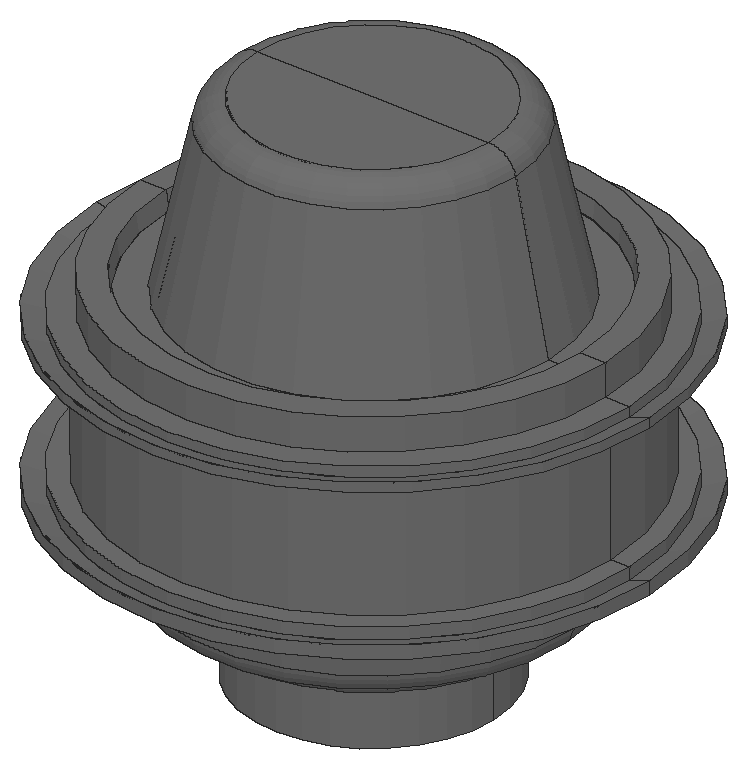
Revit family
Parameters (values of type "1017-06")
  Weight (lb) = 41.52
  Waste Connection = no
  Warranty = "1 year material and workmanship"  # constant formula
  Vent Connection = no
  URL = "http://www.jrsmith.com"
  Threaded = yes
  Technical and Installation = "http://www.jrsmith.com/products/roof/tech_data_index.htm"
  SmartBIM Object Version = 3  # constant formula
  SmartBIM Object Created By = "Reed Construction Data"  # constant formula
  Push On = yes
  Product URL = "http://www.jrsmith.com/products/roof/submittal/d1010.pdf"
  Pipe Diameter = 0' - 6"
  OmniClass Title = "Roof Drains"  # constant formula
  OmniClass Code = "22-22 14 26 13"  # constant formula
  No Hub = yes
  Model = "1017"  # constant formula
  Material Finish = Cast Iron
  Material = Duco coated
  Manufacturer = "Jay R. Smith Mfg. Co. "  # constant formula
  HW Connection = no
  Drain Outlet Radius = Pipe Diameter / 2  # 0' - 3"
  Dome Free Area = "6\""
  Description = "Duco cast iron body with flashing clamp, perforated stainless steel extension, gravel stop and polyethylene dome"  # constant formula
  Default Elevation = 0' - 0"
  D Diameter = 1' - 3 1/4"
  Caulk = yes
  CW Connection = no
  Assembly Code = "D2040200"
  95 CSI = "15165"  # constant formula
  04 CSI = "22 14 35"  # constant formula
Reference planes (in)
  plane 1 "Center (Front/Back)": y = 0
  plane 2: z = 0
  plane 3 "Center (Left/Right)": x = 2.3241
  plane 4: x = -5.3009
  plane 5: x = 9.9491
  plane 6: z = -4.66629
  plane 7: z = 0.33371
  plane 8: z = 4.33371
  plane 9: z = 9.58371
Forms (in)
  Revolve 1, solid, material "Duco coated" <- "Material"
    sketch origin (0, 0, 0) x (1, 0, 0) y (0, 0, 1)
      loop
        line (8.14647, -0.62123) -> (9.9491, -0.05403) -> (9.9491, 0.29927) -> (9.40366, 0.1268) -> (9.40366, 0.4478) -> (8.76675, 0.4478) -> (8.76675, 1.23116) -> (8.43121, 1.23116) -> (8.43121, 0.88) -> (8.02602, 0.88) -> (7.97537, 0.75844) -> (8.37852, 0.57489) -> (8.37852, 0.32415) -> (7.84212, 0.32415) -> (7.84212, 0.08104) -> (7.11391, 0.08104) -> (7.11391, -1.80801)
        arc (7.11391, -1.80801) -> (7.03894, -1.98151) -> (6.86396, -2.05296) r 0.25
        line (6.86396, -2.05296) -> (6.8208, -2.05296)
        arc (6.8208, -2.05296) -> (6.64402, -2.12618) -> (6.5708, -2.30296) r 0.25
        line (6.5708, -2.30296) -> (6.5708, -2.34162)
        arc (6.5708, -2.34162) -> (6.5525, -2.38582) -> (6.5083, -2.40412) r 0.0625
        line (6.5083, -2.40412) -> (5.54722, -2.40412)
        arc (5.54722, -2.40412) -> (5.39847, -2.46035) -> (5.3241, -2.60092) r 0.22488
        line (5.3241, -2.60092) -> (5.3241, -4.66629) -> (5.64998, -4.66629) -> (5.64998, -2.73503) -> (6.52689, -2.73503)
        arc (6.52689, -2.73503) -> (6.70367, -2.6618) -> (6.77689, -2.48503) r 0.25
        line (6.77689, -2.48503) -> (6.77689, -2.40014)
        arc (6.77689, -2.40014) -> (6.8135, -2.31175) -> (6.90189, -2.27514) r 0.125
        line (6.90189, -2.27514) -> (7.10782, -2.27514)
        arc (7.10782, -2.27514) -> (7.59633, -2.09423) -> (7.84916, -1.63878) r 0.75
        line (7.84916, -1.63878) -> (7.97439, -0.82183)
        arc (7.97439, -0.82183) -> (8.03175, -0.69693) -> (8.14647, -0.62123) r 0.25
      axis (2.3241, -4.66629) -> (2.3241, 1.23116)
    angle from 0 to 360
  Revolve 2, solid, material "Duco coated" <- "Material"
    sketch origin (0, 0, 0) x (1, 0, 0) y (0, 0, 1)
      loop
        line (8.66242, 3.42171) -> (9.9491, 4.07774) -> (9.9491, 4.32467) -> (9.40366, 4.1522) -> (9.40366, 4.41475) -> (8.75536, 4.41249) -> (8.75536, 5.27915) -> (8.05303, 5.27915) -> (7.981, 4.79292) -> (7.981, 4.5072) -> (7.16162, 4.5072) -> (7.16162, 3.33424) -> (8.4079, 3.33424) -> (8.47543, 3.0371) -> (8.60913, 3.0371) -> (8.66242, 3.42171)
      axis (2.3241, 5.27915) -> (2.3241, 3.0371)
    angle from 0 to 360
  Revolve 3, solid, material "Duco coated" <- "Material"
    sketch origin (0, 0, 0) x (1, 0, 0) y (0, 0, 1)
      loop
        line (8.89313, 3.53934) -> (8.76675, 3.4749) -> (8.76675, 0.4478) -> (8.89313, 0.4478) -> (8.89313, 3.53934)
      axis (2.3241, 3.53934) -> (2.3241, 0.4478)
    angle from 0 to 360
  Revolve 4, solid, material "Duco coated" <- "Material"
    sketch origin (0, 0, 0) x (1, 0, 0) y (0, 0, 1)
      loop
        line (7.981, 4.5072) -> (7.981, 4.79292) -> (7.18434, 4.79292) -> (6.24716, 8.9969)
        arc (6.24716, 8.9969) -> (5.98423, 9.4189) -> (5.51513, 9.58371) r 0.75
        line (5.51513, 9.58371) -> (2.3241, 9.58371) -> (2.3241, 9.17852) -> (5.55109, 9.17852)
        arc (5.55109, 9.17852) -> (5.78397, 9.09745) -> (5.91615, 8.88929) r 0.375
        line (5.91615, 8.88929) -> (6.94568, 4.5072) -> (7.981, 4.5072)
      axis (2.3241, 9.58371) -> (2.3241, 4.5072)
    angle from 0 to 360
Lines and regions (in)
  model lines
    curve 1: arc (2.59156, -6.6607, 3.19382) -> (2.34156, -6.6607, 3.44382) -> (2.09156, -6.6607, 3.19382) r 0.25
    curve 2: arc (2.09156, -6.6607, 3.19382) -> (2.34156, -6.6607, 2.94382) -> (2.59156, -6.6607, 3.19382) r 0.25
    curve 3: arc (3.21656, -6.6607, 2.95055) -> (2.96656, -6.6607, 3.20055) -> (2.71656, -6.6607, 2.95055) r 0.25
    curve 4: arc (2.71656, -6.6607, 2.95055) -> (2.96656, -6.6607, 2.70055) -> (3.21656, -6.6607, 2.95055) r 0.25
    curve 5: arc (2.59156, -6.6607, 2.63132) -> (2.34156, -6.6607, 2.88132) -> (2.09156, -6.6607, 2.63132) r 0.25
    curve 6: arc (2.09156, -6.6607, 2.63132) -> (2.34156, -6.6607, 2.38132) -> (2.59156, -6.6607, 2.63132) r 0.25
    curve 7: arc (2.59156, -6.6607, 2.06882) -> (2.34156, -6.6607, 2.31882) -> (2.09156, -6.6607, 2.06882) r 0.25
    curve 8: arc (2.09156, -6.6607, 2.06882) -> (2.34156, -6.6607, 1.81882) -> (2.59156, -6.6607, 2.06882) r 0.25
    curve 9: arc (2.59156, -6.6607, 1.50632) -> (2.34156, -6.6607, 1.75632) -> (2.09156, -6.6607, 1.50632) r 0.25
    curve 10: arc (2.09156, -6.6607, 1.50632) -> (2.34156, -6.6607, 1.25632) -> (2.59156, -6.6607, 1.50632) r 0.25
    curve 11: arc (2.59156, -6.6607, 0.85031) -> (2.34156, -6.6607, 1.10031) -> (2.09156, -6.6607, 0.85031) r 0.25
    curve 12: arc (2.09156, -6.6607, 0.85031) -> (2.34156, -6.6607, 0.60031) -> (2.59156, -6.6607, 0.85031) r 0.25
    curve 13: arc (3.24445, -6.6607, 2.38132) -> (2.99445, -6.6607, 2.63132) -> (2.74445, -6.6607, 2.38132) r 0.25
    curve 14: arc (2.74445, -6.6607, 2.38132) -> (2.99445, -6.6607, 2.13132) -> (3.24445, -6.6607, 2.38132) r 0.25
    curve 15: arc (3.24445, -6.6607, 1.78721) -> (2.99445, -6.6607, 2.03721) -> (2.74445, -6.6607, 1.78721) r 0.25
    curve 16: arc (2.74445, -6.6607, 1.78721) -> (2.99445, -6.6607, 1.53721) -> (3.24445, -6.6607, 1.78721) r 0.25
    curve 17: arc (3.24445, -6.6607, 1.16473) -> (2.99445, -6.6607, 1.41473) -> (2.74445, -6.6607, 1.16473) r 0.25
    curve 18: arc (2.74445, -6.6607, 1.16473) -> (2.99445, -6.6607, 0.91473) -> (3.24445, -6.6607, 1.16473) r 0.25
    curve 19: line (2.06026, -4.04482, 8.40741) -> (2.06026, -4.85044, 4.83638)
    curve 20: line (2.43526, -4.04482, 8.40741) -> (2.43526, -4.87007, 4.74935)
    curve 21: arc (2.06026, -4.04482, 8.40741) -> (2.24776, -4.00355, 8.59032) -> (2.43526, -4.04482, 8.40741) r 0.1875
    curve 43: arc (0.92671, -6.51796, 3.19382) -> (0.68457, -6.45578, 3.44382) -> (0.44242, -6.39361, 3.19382) r 0.25
    curve 44: arc (0.44242, -6.39361, 3.19382) -> (0.68457, -6.45578, 2.94382) -> (0.92671, -6.51796, 3.19382) r 0.25
    curve 45: arc (1.53208, -6.67339, 2.95055) -> (1.28993, -6.61122, 3.20055) -> (1.04779, -6.54904, 2.95055) r 0.25
    curve 46: arc (1.04779, -6.54904, 2.95055) -> (1.28993, -6.61122, 2.70055) -> (1.53208, -6.67339, 2.95055) r 0.25
    curve 47: arc (0.92671, -6.51796, 2.63132) -> (0.68457, -6.45578, 2.88132) -> (0.44242, -6.39361, 2.63132) r 0.25
    curve 48: arc (0.44242, -6.39361, 2.63132) -> (0.68457, -6.45578, 2.38132) -> (0.92671, -6.51796, 2.63132) r 0.25
    curve 49: arc (0.92671, -6.51796, 2.06882) -> (0.68457, -6.45578, 2.31882) -> (0.44242, -6.39361, 2.06882) r 0.25
    curve 50: arc (0.44242, -6.39361, 2.06882) -> (0.68457, -6.45578, 1.81882) -> (0.92671, -6.51796, 2.06882) r 0.25
    curve 51: arc (0.92671, -6.51796, 1.50632) -> (0.68457, -6.45578, 1.75632) -> (0.44242, -6.39361, 1.50632) r 0.25
    curve 52: arc (0.44242, -6.39361, 1.50632) -> (0.68457, -6.45578, 1.25632) -> (0.92671, -6.51796, 1.50632) r 0.25
    curve 53: arc (0.92671, -6.51796, 0.85031) -> (0.68457, -6.45578, 1.10031) -> (0.44242, -6.39361, 0.85031) r 0.25
    curve 54: arc (0.44242, -6.39361, 0.85031) -> (0.68457, -6.45578, 0.60031) -> (0.92671, -6.51796, 0.85031) r 0.25
    curve 55: arc (1.55908, -6.68032, 2.38132) -> (1.31694, -6.61815, 2.63132) -> (1.07479, -6.55598, 2.38132) r 0.25
    curve 56: arc (1.07479, -6.55598, 2.38132) -> (1.31694, -6.61815, 2.13132) -> (1.55908, -6.68032, 2.38132) r 0.25
    curve 57: arc (1.55908, -6.68032, 1.78721) -> (1.31694, -6.61815, 2.03721) -> (1.07479, -6.55598, 1.78721) r 0.25
    curve 58: arc (1.07479, -6.55598, 1.78721) -> (1.31694, -6.61815, 1.53721) -> (1.55908, -6.68032, 1.78721) r 0.25
    curve 59: arc (1.55908, -6.68032, 1.16473) -> (1.31694, -6.61815, 1.41473) -> (1.07479, -6.55598, 1.16473) r 0.25
    curve 60: arc (1.07479, -6.55598, 1.16473) -> (1.31694, -6.61815, 0.91473) -> (1.55908, -6.68032, 1.16473) r 0.25
    curve 61: line (1.06264, -3.85213, 8.40741) -> (0.86229, -4.63244, 4.83638)
    curve 62: line (1.42586, -3.94539, 8.40741) -> (1.22063, -4.74472, 4.74935)
    curve 63: arc (1.06264, -3.85213, 8.40741) -> (1.25452, -3.85879, 8.59032) -> (1.42586, -3.94539, 8.40741) r 0.1875
    curve 64: arc (4.23961, -6.38493, 3.19382) -> (3.99746, -6.4471, 3.44382) -> (3.75532, -6.50927, 3.19382) r 0.25
    curve 65: arc (3.75532, -6.50927, 3.19382) -> (3.99746, -6.4471, 2.94382) -> (4.23961, -6.38493, 3.19382) r 0.25
    curve 66: arc (4.84497, -6.22949, 2.95055) -> (4.60283, -6.29167, 3.20055) -> (4.36068, -6.35384, 2.95055) r 0.25
    curve 67: arc (4.36068, -6.35384, 2.95055) -> (4.60283, -6.29167, 2.70055) -> (4.84497, -6.22949, 2.95055) r 0.25
    curve 68: arc (4.23961, -6.38493, 2.63132) -> (3.99746, -6.4471, 2.88132) -> (3.75532, -6.50927, 2.63132) r 0.25
    curve 69: arc (3.75532, -6.50927, 2.63132) -> (3.99746, -6.4471, 2.38132) -> (4.23961, -6.38493, 2.63132) r 0.25
    curve 70: arc (4.23961, -6.38493, 2.06882) -> (3.99746, -6.4471, 2.31882) -> (3.75532, -6.50927, 2.06882) r 0.25
    curve 71: arc (3.75532, -6.50927, 2.06882) -> (3.99746, -6.4471, 1.81882) -> (4.23961, -6.38493, 2.06882) r 0.25
    curve 72: arc (4.23961, -6.38493, 1.50632) -> (3.99746, -6.4471, 1.75632) -> (3.75532, -6.50927, 1.50632) r 0.25
    curve 73: arc (3.75532, -6.50927, 1.50632) -> (3.99746, -6.4471, 1.25632) -> (4.23961, -6.38493, 1.50632) r 0.25
    curve 74: arc (4.23961, -6.38493, 0.85031) -> (3.99746, -6.4471, 1.10031) -> (3.75532, -6.50927, 0.85031) r 0.25
    curve 75: arc (3.75532, -6.50927, 0.85031) -> (3.99746, -6.4471, 0.60031) -> (4.23961, -6.38493, 0.85031) r 0.25
    curve 76: arc (4.87198, -6.22256, 2.38132) -> (4.62984, -6.28473, 2.63132) -> (4.38769, -6.34691, 2.38132) r 0.25
    curve 77: arc (4.38769, -6.34691, 2.38132) -> (4.62984, -6.28473, 2.13132) -> (4.87198, -6.22256, 2.38132) r 0.25
    curve 78: arc (4.87198, -6.22256, 1.78721) -> (4.62984, -6.28473, 2.03721) -> (4.38769, -6.34691, 1.78721) r 0.25
    curve 79: arc (4.38769, -6.34691, 1.78721) -> (4.62984, -6.28473, 1.53721) -> (4.87198, -6.22256, 1.78721) r 0.25
    curve 80: arc (4.87198, -6.22256, 1.16473) -> (4.62984, -6.28473, 1.41473) -> (4.38769, -6.34691, 1.16473) r 0.25
    curve 81: arc (4.38769, -6.34691, 1.16473) -> (4.62984, -6.28473, 0.91473) -> (4.87198, -6.22256, 1.16473) r 0.25
    curve 82: line (3.07445, -3.98336, 8.40741) -> (3.2748, -4.76367, 4.83638)
    curve 83: line (3.43767, -3.8901, 8.40741) -> (3.64291, -4.68943, 4.74935)
    curve 84: arc (3.07445, -3.98336, 8.40741) -> (3.2458, -3.89676, 8.59032) -> (3.43767, -3.8901, 8.40741) r 0.1875
    curve 85: arc (5.7673, -5.70796, 3.19382) -> (5.54822, -5.8284, 3.44382) -> (5.32914, -5.94884, 3.19382) r 0.25
    curve 86: arc (5.32914, -5.94884, 3.19382) -> (5.54822, -5.8284, 2.94382) -> (5.7673, -5.70796, 3.19382) r 0.25
    curve 87: arc (6.31499, -5.40687, 2.95055) -> (6.09591, -5.52731, 3.20055) -> (5.87684, -5.64774, 2.95055) r 0.25
    curve 88: arc (5.87684, -5.64774, 2.95055) -> (6.09591, -5.52731, 2.70055) -> (6.31499, -5.40687, 2.95055) r 0.25
    curve 89: arc (5.7673, -5.70796, 2.63132) -> (5.54822, -5.8284, 2.88132) -> (5.32914, -5.94884, 2.63132) r 0.25
    curve 90: arc (5.32914, -5.94884, 2.63132) -> (5.54822, -5.8284, 2.38132) -> (5.7673, -5.70796, 2.63132) r 0.25
    curve 91: arc (5.7673, -5.70796, 2.06882) -> (5.54822, -5.8284, 2.31882) -> (5.32914, -5.94884, 2.06882) r 0.25
    curve 92: arc (5.32914, -5.94884, 2.06882) -> (5.54822, -5.8284, 1.81882) -> (5.7673, -5.70796, 2.06882) r 0.25
    curve 93: arc (5.7673, -5.70796, 1.50632) -> (5.54822, -5.8284, 1.75632) -> (5.32914, -5.94884, 1.50632) r 0.25
    curve 94: arc (5.32914, -5.94884, 1.50632) -> (5.54822, -5.8284, 1.25632) -> (5.7673, -5.70796, 1.50632) r 0.25
    curve 95: arc (5.7673, -5.70796, 0.85031) -> (5.54822, -5.8284, 1.10031) -> (5.32914, -5.94884, 0.85031) r 0.25
    curve 96: arc (5.32914, -5.94884, 0.85031) -> (5.54822, -5.8284, 0.60031) -> (5.7673, -5.70796, 0.85031) r 0.25
    curve 97: arc (6.33942, -5.39344, 2.38132) -> (6.12035, -5.51387, 2.63132) -> (5.90127, -5.63431, 2.38132) r 0.25
    curve 98: arc (5.90127, -5.63431, 2.38132) -> (6.12035, -5.51387, 2.13132) -> (6.33942, -5.39344, 2.38132) r 0.25
    curve 99: arc (6.33942, -5.39344, 1.78721) -> (6.12035, -5.51387, 2.03721) -> (5.90127, -5.63431, 1.78721) r 0.25
    curve 100: arc (5.90127, -5.63431, 1.78721) -> (6.12035, -5.51387, 1.53721) -> (6.33942, -5.39344, 1.78721) r 0.25
    curve 101: arc (6.33942, -5.39344, 1.16473) -> (6.12035, -5.51387, 1.41473) -> (5.90127, -5.63431, 1.16473) r 0.25
    curve 102: arc (5.90127, -5.63431, 1.16473) -> (6.12035, -5.51387, 0.91473) -> (6.33942, -5.39344, 1.16473) r 0.25
    curve 103: line (4.0415, -3.67161, 8.40741) -> (4.42961, -4.37758, 4.83638)
    curve 104: line (4.37012, -3.49095, 8.40741) -> (4.76769, -4.21413, 4.74935)
    curve 105: arc (4.0415, -3.67161, 8.40741) -> (4.18593, -3.54512, 8.59032) -> (4.37012, -3.49095, 8.40741) r 0.1875
    curve 106: arc (7.07864, -4.67235, 3.19382) -> (6.89639, -4.84349, 3.44382) -> (6.71415, -5.01462, 3.19382) r 0.25
    curve 107: arc (6.71415, -5.01462, 3.19382) -> (6.89639, -4.84349, 2.94382) -> (7.07864, -4.67235, 3.19382) r 0.25
    curve 108: arc (7.53424, -4.24451, 2.95055) -> (7.352, -4.41564, 3.20055) -> (7.16976, -4.58678, 2.95055) r 0.25
    curve 109: arc (7.16976, -4.58678, 2.95055) -> (7.352, -4.41564, 2.70055) -> (7.53424, -4.24451, 2.95055) r 0.25
    curve 110: arc (7.07864, -4.67235, 2.63132) -> (6.89639, -4.84349, 2.88132) -> (6.71415, -5.01462, 2.63132) r 0.25
    curve 111: arc (6.71415, -5.01462, 2.63132) -> (6.89639, -4.84349, 2.38132) -> (7.07864, -4.67235, 2.63132) r 0.25
    curve 112: arc (7.07864, -4.67235, 2.06882) -> (6.89639, -4.84349, 2.31882) -> (6.71415, -5.01462, 2.06882) r 0.25
    curve 113: arc (6.71415, -5.01462, 2.06882) -> (6.89639, -4.84349, 1.81882) -> (7.07864, -4.67235, 2.06882) r 0.25
    curve 114: arc (7.07864, -4.67235, 1.50632) -> (6.89639, -4.84349, 1.75632) -> (6.71415, -5.01462, 1.50632) r 0.25
    curve 115: arc (6.71415, -5.01462, 1.50632) -> (6.89639, -4.84349, 1.25632) -> (7.07864, -4.67235, 1.50632) r 0.25
    curve 116: arc (7.07864, -4.67235, 0.85031) -> (6.89639, -4.84349, 1.10031) -> (6.71415, -5.01462, 0.85031) r 0.25
    curve 117: arc (6.71415, -5.01462, 0.85031) -> (6.89639, -4.84349, 0.60031) -> (7.07864, -4.67235, 0.85031) r 0.25
    curve 118: arc (7.55457, -4.22542, 2.38132) -> (7.37232, -4.39656, 2.63132) -> (7.19008, -4.56769, 2.38132) r 0.25
    curve 119: arc (7.19008, -4.56769, 2.38132) -> (7.37232, -4.39656, 2.13132) -> (7.55457, -4.22542, 2.38132) r 0.25
    curve 120: arc (7.55457, -4.22542, 1.78721) -> (7.37232, -4.39656, 2.03721) -> (7.19008, -4.56769, 1.78721) r 0.25
    curve 121: arc (7.19008, -4.56769, 1.78721) -> (7.37232, -4.39656, 1.53721) -> (7.55457, -4.22542, 1.78721) r 0.25
    curve 122: arc (7.55457, -4.22542, 1.16473) -> (7.37232, -4.39656, 1.41473) -> (7.19008, -4.56769, 1.16473) r 0.25
    curve 123: arc (7.19008, -4.56769, 1.16473) -> (7.37232, -4.39656, 0.91473) -> (7.55457, -4.22542, 1.16473) r 0.25
    curve 124: line (4.90064, -3.12916, 8.40741) -> (5.45212, -3.71643, 4.83638)
    curve 125: line (5.174, -2.87245, 8.40741) -> (5.73893, -3.47404, 4.74935)
    curve 126: arc (4.90064, -3.12916, 8.40741) -> (5.00907, -2.97072, 8.59032) -> (5.174, -2.87245, 8.40741) r 0.1875
    curve 127: arc (8.09123, -3.34315, 3.19382) -> (7.95727, -3.55424, 3.44382) -> (7.82332, -3.76532, 3.19382) r 0.25
    curve 128: arc (7.82332, -3.76532, 3.19382) -> (7.95727, -3.55424, 2.94382) -> (8.09123, -3.34315, 3.19382) r 0.25
    curve 129: arc (8.42612, -2.81545, 2.95055) -> (8.29216, -3.02653, 3.20055) -> (8.15821, -3.23761, 2.95055) r 0.25
    curve 130: arc (8.15821, -3.23761, 2.95055) -> (8.29216, -3.02653, 2.70055) -> (8.42612, -2.81545, 2.95055) r 0.25
    curve 131: arc (8.09123, -3.34315, 2.63132) -> (7.95727, -3.55424, 2.88132) -> (7.82332, -3.76532, 2.63132) r 0.25
    curve 132: arc (7.82332, -3.76532, 2.63132) -> (7.95727, -3.55424, 2.38132) -> (8.09123, -3.34315, 2.63132) r 0.25
    curve 133: arc (8.09123, -3.34315, 2.06882) -> (7.95727, -3.55424, 2.31882) -> (7.82332, -3.76532, 2.06882) r 0.25
    curve 134: arc (7.82332, -3.76532, 2.06882) -> (7.95727, -3.55424, 1.81882) -> (8.09123, -3.34315, 2.06882) r 0.25
    curve 135: arc (8.09123, -3.34315, 1.50632) -> (7.95727, -3.55424, 1.75632) -> (7.82332, -3.76532, 1.50632) r 0.25
    curve 136: arc (7.82332, -3.76532, 1.50632) -> (7.95727, -3.55424, 1.25632) -> (8.09123, -3.34315, 1.50632) r 0.25
    curve 137: arc (8.09123, -3.34315, 0.85031) -> (7.95727, -3.55424, 1.10031) -> (7.82332, -3.76532, 0.85031) r 0.25
    curve 138: arc (7.82332, -3.76532, 0.85031) -> (7.95727, -3.55424, 0.60031) -> (8.09123, -3.34315, 0.85031) r 0.25
    curve 139: arc (8.44106, -2.79191, 2.38132) -> (8.3071, -3.00299, 2.63132) -> (8.17315, -3.21407, 2.38132) r 0.25
    curve 140: arc (8.17315, -3.21407, 2.38132) -> (8.3071, -3.00299, 2.13132) -> (8.44106, -2.79191, 2.38132) r 0.25
    curve 141: arc (8.44106, -2.79191, 1.78721) -> (8.3071, -3.00299, 2.03721) -> (8.17315, -3.21407, 1.78721) r 0.25
    curve 142: arc (8.17315, -3.21407, 1.78721) -> (8.3071, -3.00299, 1.53721) -> (8.44106, -2.79191, 1.78721) r 0.25
    curve 143: arc (8.44106, -2.79191, 1.16473) -> (8.3071, -3.00299, 1.41473) -> (8.17315, -3.21407, 1.16473) r 0.25
    curve 144: arc (8.17315, -3.21407, 1.16473) -> (8.3071, -3.00299, 0.91473) -> (8.44106, -2.79191, 1.16473) r 0.25
    curve 145: line (5.59788, -2.39009, 8.40741) -> (6.27809, -2.82176, 4.83638)
    curve 146: line (5.79881, -2.07347, 8.40741) -> (6.4956, -2.51566, 4.74935)
    curve 147: arc (5.59788, -2.39009, 8.40741) -> (5.66351, -2.20967, 8.59032) -> (5.79881, -2.07347, 8.40741) r 0.1875
    curve 148: arc (8.74145, -1.8039, 3.19382) -> (8.6642, -2.04166, 3.44382) -> (8.58694, -2.27942, 3.19382) r 0.25
    curve 149: arc (8.58694, -2.27942, 3.19382) -> (8.6642, -2.04166, 2.94382) -> (8.74145, -1.8039, 3.19382) r 0.25
    curve 150: arc (8.93459, -1.20949, 2.95055) -> (8.85733, -1.44725, 3.20055) -> (8.78008, -1.68501, 2.95055) r 0.25
    curve 151: arc (8.78008, -1.68501, 2.95055) -> (8.85733, -1.44725, 2.70055) -> (8.93459, -1.20949, 2.95055) r 0.25
    curve 152: arc (8.74145, -1.8039, 2.63132) -> (8.6642, -2.04166, 2.88132) -> (8.58694, -2.27942, 2.63132) r 0.25
    curve 153: arc (8.58694, -2.27942, 2.63132) -> (8.6642, -2.04166, 2.38132) -> (8.74145, -1.8039, 2.63132) r 0.25
    curve 154: arc (8.74145, -1.8039, 2.06882) -> (8.6642, -2.04166, 2.31882) -> (8.58694, -2.27942, 2.06882) r 0.25
    curve 155: arc (8.58694, -2.27942, 2.06882) -> (8.6642, -2.04166, 1.81882) -> (8.74145, -1.8039, 2.06882) r 0.25
    curve 156: arc (8.74145, -1.8039, 1.50632) -> (8.6642, -2.04166, 1.75632) -> (8.58694, -2.27942, 1.50632) r 0.25
    curve 157: arc (8.58694, -2.27942, 1.50632) -> (8.6642, -2.04166, 1.25632) -> (8.74145, -1.8039, 1.50632) r 0.25
    curve 158: arc (8.74145, -1.8039, 0.85031) -> (8.6642, -2.04166, 1.10031) -> (8.58694, -2.27942, 0.85031) r 0.25
    curve 159: arc (8.58694, -2.27942, 0.85031) -> (8.6642, -2.04166, 0.60031) -> (8.74145, -1.8039, 0.85031) r 0.25
    curve 160: arc (8.9432, -1.18297, 2.38132) -> (8.86595, -1.42073, 2.63132) -> (8.7887, -1.6585, 2.38132) r 0.25
    curve 161: arc (8.7887, -1.6585, 2.38132) -> (8.86595, -1.42073, 2.13132) -> (8.9432, -1.18297, 2.38132) r 0.25
    curve 162: arc (8.9432, -1.18297, 1.78721) -> (8.86595, -1.42073, 2.03721) -> (8.7887, -1.6585, 1.78721) r 0.25
    curve 163: arc (8.7887, -1.6585, 1.78721) -> (8.86595, -1.42073, 1.53721) -> (8.9432, -1.18297, 1.78721) r 0.25
    curve 164: arc (8.9432, -1.18297, 1.16473) -> (8.86595, -1.42073, 1.41473) -> (8.7887, -1.6585, 1.16473) r 0.25
    curve 165: arc (8.7887, -1.6585, 1.16473) -> (8.86595, -1.42073, 0.91473) -> (8.9432, -1.18297, 1.16473) r 0.25
    curve 166: line (6.08942, -1.50084, 8.40741) -> (6.85561, -1.74979, 4.83638)
    curve 167: line (6.2053, -1.1442, 8.40741) -> (6.99017, -1.39922, 4.74935)
    curve 168: arc (6.08942, -1.50084, 8.40741) -> (6.10812, -1.30977, 8.59032) -> (6.2053, -1.1442, 8.40741) r 0.1875
    curve 169: arc (8.98845, -0.15129, 3.19382) -> (8.97275, -0.4008, 3.44382) -> (8.95706, -0.65031, 3.19382) r 0.25
    curve 170: arc (8.95706, -0.65031, 3.19382) -> (8.97275, -0.4008, 2.94382) -> (8.98845, -0.15129, 3.19382) r 0.25
    curve 171: arc (9.02769, 0.47247, 2.95055) -> (9.012, 0.22297, 3.20055) -> (8.9963, -0.02654, 2.95055) r 0.25
    curve 172: arc (8.9963, -0.02654, 2.95055) -> (9.012, 0.22297, 2.70055) -> (9.02769, 0.47247, 2.95055) r 0.25
    curve 173: arc (8.98845, -0.15129, 2.63132) -> (8.97275, -0.4008, 2.88132) -> (8.95706, -0.65031, 2.63132) r 0.25
    curve 174: arc (8.95706, -0.65031, 2.63132) -> (8.97275, -0.4008, 2.38132) -> (8.98845, -0.15129, 2.63132) r 0.25
    curve 175: arc (8.98845, -0.15129, 2.06882) -> (8.97275, -0.4008, 2.31882) -> (8.95706, -0.65031, 2.06882) r 0.25
    curve 176: arc (8.95706, -0.65031, 2.06882) -> (8.97275, -0.4008, 1.81882) -> (8.98845, -0.15129, 2.06882) r 0.25
    curve 177: arc (8.98845, -0.15129, 1.50632) -> (8.97275, -0.4008, 1.75632) -> (8.95706, -0.65031, 1.50632) r 0.25
    curve 178: arc (8.95706, -0.65031, 1.50632) -> (8.97275, -0.4008, 1.25632) -> (8.98845, -0.15129, 1.50632) r 0.25
    curve 179: arc (8.98845, -0.15129, 0.85031) -> (8.97275, -0.4008, 1.10031) -> (8.95706, -0.65031, 0.85031) r 0.25
    curve 180: arc (8.95706, -0.65031, 0.85031) -> (8.97275, -0.4008, 0.60031) -> (8.98845, -0.15129, 0.85031) r 0.25
    curve 181: arc (9.02945, 0.5003, 2.38132) -> (9.01375, 0.2508, 2.63132) -> (8.99805, 0.00129, 2.38132) r 0.25
    curve 182: arc (8.99805, 0.00129, 2.38132) -> (9.01375, 0.2508, 2.13132) -> (9.02945, 0.5003, 2.38132) r 0.25
    curve 183: arc (9.02945, 0.5003, 1.78721) -> (9.01375, 0.2508, 2.03721) -> (8.99805, 0.00129, 1.78721) r 0.25
    curve 184: arc (8.99805, 0.00129, 1.78721) -> (9.01375, 0.2508, 1.53721) -> (9.02945, 0.5003, 1.78721) r 0.25
    curve 185: arc (9.02945, 0.5003, 1.16473) -> (9.01375, 0.2508, 1.41473) -> (8.99805, 0.00129, 1.16473) r 0.25
    curve 186: arc (8.99805, 0.00129, 1.16473) -> (9.01375, 0.2508, 0.91473) -> (9.02945, 0.5003, 1.16473) r 0.25
    curve 187: line (6.34437, -0.5173, 8.40741) -> (7.1484, -0.56788, 4.83638)
    curve 188: line (6.36792, -0.14304, 8.40741) -> (7.19154, -0.19485, 4.74935)
    curve 189: arc (6.34437, -0.5173, 8.40741) -> (6.31496, -0.32757, 8.59032) -> (6.36792, -0.14304, 8.40741) r 0.1875
    curve 190: arc (8.8167, 1.51082, 3.19382) -> (8.86355, 1.26525, 3.44382) -> (8.91039, 1.01967, 3.19382) r 0.25
    curve 191: arc (8.91039, 1.01967, 3.19382) -> (8.86355, 1.26525, 2.94382) -> (8.8167, 1.51082, 3.19382) r 0.25
    curve 192: arc (8.69959, 2.12475, 2.95055) -> (8.74643, 1.87917, 3.20055) -> (8.79328, 1.6336, 2.95055) r 0.25
    curve 193: arc (8.79328, 1.6336, 2.95055) -> (8.74643, 1.87917, 2.70055) -> (8.69959, 2.12475, 2.95055) r 0.25
    curve 194: arc (8.8167, 1.51082, 2.63132) -> (8.86355, 1.26525, 2.88132) -> (8.91039, 1.01967, 2.63132) r 0.25
    curve 195: arc (8.91039, 1.01967, 2.63132) -> (8.86355, 1.26525, 2.38132) -> (8.8167, 1.51082, 2.63132) r 0.25
    curve 196: arc (8.8167, 1.51082, 2.06882) -> (8.86355, 1.26525, 2.31882) -> (8.91039, 1.01967, 2.06882) r 0.25
    curve 197: arc (8.91039, 1.01967, 2.06882) -> (8.86355, 1.26525, 1.81882) -> (8.8167, 1.51082, 2.06882) r 0.25
    curve 198: arc (8.8167, 1.51082, 1.50632) -> (8.86355, 1.26525, 1.75632) -> (8.91039, 1.01967, 1.50632) r 0.25
    curve 199: arc (8.91039, 1.01967, 1.50632) -> (8.86355, 1.26525, 1.25632) -> (8.8167, 1.51082, 1.50632) r 0.25
    curve 200: arc (8.8167, 1.51082, 0.85031) -> (8.86355, 1.26525, 1.10031) -> (8.91039, 1.01967, 0.85031) r 0.25
    curve 201: arc (8.91039, 1.01967, 0.85031) -> (8.86355, 1.26525, 0.60031) -> (8.8167, 1.51082, 0.85031) r 0.25
    curve 202: arc (8.69436, 2.15214, 2.38132) -> (8.74121, 1.90656, 2.63132) -> (8.78806, 1.66099, 2.38132) r 0.25
    curve 203: arc (8.78806, 1.66099, 2.38132) -> (8.74121, 1.90656, 2.13132) -> (8.69436, 2.15214, 2.38132) r 0.25
    curve 204: arc (8.69436, 2.15214, 1.78721) -> (8.74121, 1.90656, 2.03721) -> (8.78806, 1.66099, 1.78721) r 0.25
    curve 205: arc (8.78806, 1.66099, 1.78721) -> (8.74121, 1.90656, 1.53721) -> (8.69436, 2.15214, 1.78721) r 0.25
    curve 206: arc (8.69436, 2.15214, 1.16473) -> (8.74121, 1.90656, 1.41473) -> (8.78806, 1.66099, 1.16473) r 0.25
    curve 207: arc (8.78806, 1.66099, 1.16473) -> (8.74121, 1.90656, 0.91473) -> (8.69436, 2.15214, 1.16473) r 0.25
    curve 208: line (6.34671, 0.49876, 8.40741) -> (7.13806, 0.64972, 4.83638)
    curve 209: line (6.27644, 0.86711, 8.40741) -> (7.08708, 1.02175, 4.74935)
    curve 210: arc (6.34671, 0.49876, 8.40741) -> (6.27104, 0.6752, 8.59032) -> (6.27644, 0.86711, 8.40741) r 0.1875
    curve 211: arc (8.237, 3.078, 3.19382) -> (8.34345, 2.85179, 3.44382) -> (8.44989, 2.62558, 3.19382) r 0.25
    curve 212: arc (8.44989, 2.62558, 3.19382) -> (8.34345, 2.85179, 2.94382) -> (8.237, 3.078, 3.19382) r 0.25
    curve 213: arc (7.97089, 3.64351, 2.95055) -> (8.07733, 3.41731, 3.20055) -> (8.18378, 3.1911, 2.95055) r 0.25
    curve 214: arc (8.18378, 3.1911, 2.95055) -> (8.07733, 3.41731, 2.70055) -> (7.97089, 3.64351, 2.95055) r 0.25
    curve 215: arc (8.237, 3.078, 2.63132) -> (8.34345, 2.85179, 2.88132) -> (8.44989, 2.62558, 2.63132) r 0.25
    curve 216: arc (8.44989, 2.62558, 2.63132) -> (8.34345, 2.85179, 2.38132) -> (8.237, 3.078, 2.63132) r 0.25
    curve 217: arc (8.237, 3.078, 2.06882) -> (8.34345, 2.85179, 2.31882) -> (8.44989, 2.62558, 2.06882) r 0.25
    curve 218: arc (8.44989, 2.62558, 2.06882) -> (8.34345, 2.85179, 1.81882) -> (8.237, 3.078, 2.06882) r 0.25
    curve 219: arc (8.237, 3.078, 1.50632) -> (8.34345, 2.85179, 1.75632) -> (8.44989, 2.62558, 1.50632) r 0.25
    curve 220: arc (8.44989, 2.62558, 1.50632) -> (8.34345, 2.85179, 1.25632) -> (8.237, 3.078, 1.50632) r 0.25
    curve 221: arc (8.237, 3.078, 0.85031) -> (8.34345, 2.85179, 1.10031) -> (8.44989, 2.62558, 0.85031) r 0.25
    curve 222: arc (8.44989, 2.62558, 0.85031) -> (8.34345, 2.85179, 0.60031) -> (8.237, 3.078, 0.85031) r 0.25
    curve 223: arc (7.95902, 3.66874, 2.38132) -> (8.06546, 3.44254, 2.63132) -> (8.17191, 3.21633, 2.38132) r 0.25
    curve 224: arc (8.17191, 3.21633, 2.38132) -> (8.06546, 3.44254, 2.13132) -> (7.95902, 3.66874, 2.38132) r 0.25
    curve 225: arc (7.95902, 3.66874, 1.78721) -> (8.06546, 3.44254, 2.03721) -> (8.17191, 3.21633, 1.78721) r 0.25
    curve 226: arc (8.17191, 3.21633, 1.78721) -> (8.06546, 3.44254, 1.53721) -> (7.95902, 3.66874, 1.78721) r 0.25
    curve 227: arc (7.95902, 3.66874, 1.16473) -> (8.06546, 3.44254, 1.41473) -> (8.17191, 3.21633, 1.16473) r 0.25
    curve 228: arc (8.17191, 3.21633, 1.16473) -> (8.06546, 3.44254, 0.91473) -> (7.95902, 3.66874, 1.16473) r 0.25
    curve 229: line (6.0963, 1.48347, 8.40741) -> (6.82525, 1.82649, 4.83638)
    curve 230: line (5.93663, 1.82278, 8.40741) -> (6.68334, 2.17416, 4.74935)
    curve 231: arc (6.0963, 1.48347, 8.40741) -> (5.97913, 1.63556, 8.59032) -> (5.93663, 1.82278, 8.40741) r 0.1875
    curve 232: arc (7.28577, 4.45177, 3.19382) -> (7.44513, 4.25915, 3.44382) -> (7.60448, 4.06652, 3.19382) r 0.25
    curve 233: arc (7.60448, 4.06652, 3.19382) -> (7.44513, 4.25915, 2.94382) -> (7.28577, 4.45177, 3.19382) r 0.25
    curve 234: arc (6.88738, 4.93334, 2.95055) -> (7.04674, 4.74072, 3.20055) -> (7.20609, 4.54809, 2.95055) r 0.25
    curve 235: arc (7.20609, 4.54809, 2.95055) -> (7.04674, 4.74072, 2.70055) -> (6.88738, 4.93334, 2.95055) r 0.25
    curve 236: arc (7.28577, 4.45177, 2.63132) -> (7.44513, 4.25915, 2.88132) -> (7.60448, 4.06652, 2.63132) r 0.25
    curve 237: arc (7.60448, 4.06652, 2.63132) -> (7.44513, 4.25915, 2.38132) -> (7.28577, 4.45177, 2.63132) r 0.25
    curve 238: arc (7.28577, 4.45177, 2.06882) -> (7.44513, 4.25915, 2.31882) -> (7.60448, 4.06652, 2.06882) r 0.25
    curve 239: arc (7.60448, 4.06652, 2.06882) -> (7.44513, 4.25915, 1.81882) -> (7.28577, 4.45177, 2.06882) r 0.25
    curve 240: arc (7.28577, 4.45177, 1.50632) -> (7.44513, 4.25915, 1.75632) -> (7.60448, 4.06652, 1.50632) r 0.25
    curve 241: arc (7.60448, 4.06652, 1.50632) -> (7.44513, 4.25915, 1.25632) -> (7.28577, 4.45177, 1.50632) r 0.25
    curve 242: arc (7.28577, 4.45177, 0.85031) -> (7.44513, 4.25915, 1.10031) -> (7.60448, 4.06652, 0.85031) r 0.25
    curve 243: arc (7.60448, 4.06652, 0.85031) -> (7.44513, 4.25915, 0.60031) -> (7.28577, 4.45177, 0.85031) r 0.25
    curve 244: arc (6.86961, 4.95483, 2.38132) -> (7.02896, 4.7622, 2.63132) -> (7.18832, 4.56957, 2.38132) r 0.25
    curve 245: arc (7.18832, 4.56957, 2.38132) -> (7.02896, 4.7622, 2.13132) -> (6.86961, 4.95483, 2.38132) r 0.25
    curve 246: arc (6.86961, 4.95483, 1.78721) -> (7.02896, 4.7622, 2.03721) -> (7.18832, 4.56957, 1.78721) r 0.25
    curve 247: arc (7.18832, 4.56957, 1.78721) -> (7.02896, 4.7622, 1.53721) -> (6.86961, 4.95483, 1.78721) r 0.25
    curve 248: arc (6.86961, 4.95483, 1.16473) -> (7.02896, 4.7622, 1.41473) -> (7.18832, 4.56957, 1.16473) r 0.25
    curve 249: arc (7.18832, 4.56957, 1.16473) -> (7.02896, 4.7622, 0.91473) -> (6.86961, 4.95483, 1.16473) r 0.25
    curve 250: line (5.60886, 2.37497, 8.40741) -> (6.22961, 2.88849, 4.83638)
    curve 251: line (5.36983, 2.66391, 8.40741) -> (6.0057, 3.18995, 4.74935)
    curve 252: arc (5.60886, 2.37497, 8.40741) -> (5.45755, 2.49314, 8.59032) -> (5.36983, 2.66391, 8.40741) r 0.1875
    curve 253: arc (6.02278, 5.54583, 3.19382) -> (6.22503, 5.39888, 3.44382) -> (6.42729, 5.25194, 3.19382) r 0.25
    curve 254: arc (6.42729, 5.25194, 3.19382) -> (6.22503, 5.39888, 2.94382) -> (6.02278, 5.54583, 3.19382) r 0.25
    curve 255: arc (5.51714, 5.9132, 2.95055) -> (5.7194, 5.76625, 3.20055) -> (5.92165, 5.6193, 2.95055) r 0.25
    curve 256: arc (5.92165, 5.6193, 2.95055) -> (5.7194, 5.76625, 2.70055) -> (5.51714, 5.9132, 2.95055) r 0.25
    curve 257: arc (6.02278, 5.54583, 2.63132) -> (6.22503, 5.39888, 2.88132) -> (6.42729, 5.25194, 2.63132) r 0.25
    curve 258: arc (6.42729, 5.25194, 2.63132) -> (6.22503, 5.39888, 2.38132) -> (6.02278, 5.54583, 2.63132) r 0.25
    curve 259: arc (6.02278, 5.54583, 2.06882) -> (6.22503, 5.39888, 2.31882) -> (6.42729, 5.25194, 2.06882) r 0.25
    curve 260: arc (6.42729, 5.25194, 2.06882) -> (6.22503, 5.39888, 1.81882) -> (6.02278, 5.54583, 2.06882) r 0.25
    curve 261: arc (6.02278, 5.54583, 1.50632) -> (6.22503, 5.39888, 1.75632) -> (6.42729, 5.25194, 1.50632) r 0.25
    curve 262: arc (6.42729, 5.25194, 1.50632) -> (6.22503, 5.39888, 1.25632) -> (6.02278, 5.54583, 1.50632) r 0.25
    curve 263: arc (6.02278, 5.54583, 0.85031) -> (6.22503, 5.39888, 1.10031) -> (6.42729, 5.25194, 0.85031) r 0.25
    curve 264: arc (6.42729, 5.25194, 0.85031) -> (6.22503, 5.39888, 0.60031) -> (6.02278, 5.54583, 0.85031) r 0.25
    curve 265: arc (5.49459, 5.92959, 2.38132) -> (5.69684, 5.78264, 2.63132) -> (5.89909, 5.63569, 2.38132) r 0.25
    curve 266: arc (5.89909, 5.63569, 2.38132) -> (5.69684, 5.78264, 2.13132) -> (5.49459, 5.92959, 2.38132) r 0.25
    curve 267: arc (5.49459, 5.92959, 1.78721) -> (5.69684, 5.78264, 2.03721) -> (5.89909, 5.63569, 1.78721) r 0.25
    curve 268: arc (5.89909, 5.63569, 1.78721) -> (5.69684, 5.78264, 1.53721) -> (5.49459, 5.92959, 1.78721) r 0.25
    curve 269: arc (5.49459, 5.92959, 1.16473) -> (5.69684, 5.78264, 1.41473) -> (5.89909, 5.63569, 1.16473) r 0.25
    curve 270: arc (5.89909, 5.63569, 1.16473) -> (5.69684, 5.78264, 0.91473) -> (5.49459, 5.92959, 1.16473) r 0.25
    curve 271: line (4.91503, 3.11724, 8.40741) -> (5.38857, 3.76901, 4.83638)
    curve 272: line (4.61165, 3.33766, 8.40741) -> (5.09673, 4.00531, 4.74935)
    curve 273: arc (4.91503, 3.11724, 8.40741) -> (4.73909, 3.19407, 8.59032) -> (4.61165, 3.33766, 8.40741) r 0.1875
    curve 274: arc (4.52739, 6.29142, 3.19382) -> (4.75983, 6.19939, 3.44382) -> (4.99227, 6.10736, 3.19382) r 0.25
    curve 275: arc (4.99227, 6.10736, 3.19382) -> (4.75983, 6.19939, 2.94382) -> (4.52739, 6.29142, 3.19382) r 0.25
    curve 276: arc (3.94628, 6.5215, 2.95055) -> (4.17872, 6.42947, 3.20055) -> (4.41116, 6.33744, 2.95055) r 0.25
    curve 277: arc (4.41116, 6.33744, 2.95055) -> (4.17872, 6.42947, 2.70055) -> (3.94628, 6.5215, 2.95055) r 0.25
    curve 278: arc (4.52739, 6.29142, 2.63132) -> (4.75983, 6.19939, 2.88132) -> (4.99227, 6.10736, 2.63132) r 0.25
    curve 279: arc (4.99227, 6.10736, 2.63132) -> (4.75983, 6.19939, 2.38132) -> (4.52739, 6.29142, 2.63132) r 0.25
    curve 280: arc (4.52739, 6.29142, 2.06882) -> (4.75983, 6.19939, 2.31882) -> (4.99227, 6.10736, 2.06882) r 0.25
    curve 281: arc (4.99227, 6.10736, 2.06882) -> (4.75983, 6.19939, 1.81882) -> (4.52739, 6.29142, 2.06882) r 0.25
    curve 282: arc (4.52739, 6.29142, 1.50632) -> (4.75983, 6.19939, 1.75632) -> (4.99227, 6.10736, 1.50632) r 0.25
    curve 283: arc (4.99227, 6.10736, 1.50632) -> (4.75983, 6.19939, 1.25632) -> (4.52739, 6.29142, 1.50632) r 0.25
    curve 284: arc (4.52739, 6.29142, 0.85031) -> (4.75983, 6.19939, 1.10031) -> (4.99227, 6.10736, 0.85031) r 0.25
    curve 285: arc (4.99227, 6.10736, 0.85031) -> (4.75983, 6.19939, 0.60031) -> (4.52739, 6.29142, 0.85031) r 0.25
    curve 286: arc (3.92035, 6.53176, 2.38132) -> (4.15279, 6.43973, 2.63132) -> (4.38524, 6.3477, 2.38132) r 0.25
    curve 287: arc (4.38524, 6.3477, 2.38132) -> (4.15279, 6.43973, 2.13132) -> (3.92035, 6.53176, 2.38132) r 0.25
    curve 288: arc (3.92035, 6.53176, 1.78721) -> (4.15279, 6.43973, 2.03721) -> (4.38524, 6.3477, 1.78721) r 0.25
    curve 289: arc (4.38524, 6.3477, 1.78721) -> (4.15279, 6.43973, 1.53721) -> (3.92035, 6.53176, 1.78721) r 0.25
    curve 290: arc (3.92035, 6.53176, 1.16473) -> (4.15279, 6.43973, 1.41473) -> (4.38524, 6.3477, 1.16473) r 0.25
    curve 291: arc (4.38524, 6.3477, 1.16473) -> (4.15279, 6.43973, 0.91473) -> (3.92035, 6.53176, 1.16473) r 0.25
    curve 292: line (4.05841, 3.66365, 8.40741) -> (4.35498, 4.4127, 4.83638)
    curve 293: line (3.70974, 3.8017, 8.40741) -> (4.01354, 4.569, 4.74935)
    curve 294: arc (4.05841, 3.66365, 8.40741) -> (3.86889, 3.69431, 8.59032) -> (3.70974, 3.8017, 8.40741) r 0.1875
    curve 295: arc (2.89355, 6.6417, 3.19382) -> (3.14158, 6.61037, 3.44382) -> (3.38961, 6.57903, 3.19382) r 0.25
    curve 296: arc (3.38961, 6.57903, 3.19382) -> (3.14158, 6.61037, 2.94382) -> (2.89355, 6.6417, 3.19382) r 0.25
    curve 297: arc (2.27348, 6.72003, 2.95055) -> (2.52151, 6.6887, 3.20055) -> (2.76954, 6.65737, 2.95055) r 0.25
    curve 298: arc (2.76954, 6.65737, 2.95055) -> (2.52151, 6.6887, 2.70055) -> (2.27348, 6.72003, 2.95055) r 0.25
    curve 299: arc (2.89355, 6.6417, 2.63132) -> (3.14158, 6.61037, 2.88132) -> (3.38961, 6.57903, 2.63132) r 0.25
    curve 300: arc (3.38961, 6.57903, 2.63132) -> (3.14158, 6.61037, 2.38132) -> (2.89355, 6.6417, 2.63132) r 0.25
    curve 301: arc (2.89355, 6.6417, 2.06882) -> (3.14158, 6.61037, 2.31882) -> (3.38961, 6.57903, 2.06882) r 0.25
    curve 302: arc (3.38961, 6.57903, 2.06882) -> (3.14158, 6.61037, 1.81882) -> (2.89355, 6.6417, 2.06882) r 0.25
    curve 303: arc (2.89355, 6.6417, 1.50632) -> (3.14158, 6.61037, 1.75632) -> (3.38961, 6.57903, 1.50632) r 0.25
    curve 304: arc (3.38961, 6.57903, 1.50632) -> (3.14158, 6.61037, 1.25632) -> (2.89355, 6.6417, 1.50632) r 0.25
    curve 305: arc (2.89355, 6.6417, 0.85031) -> (3.14158, 6.61037, 1.10031) -> (3.38961, 6.57903, 0.85031) r 0.25
    curve 306: arc (3.38961, 6.57903, 0.85031) -> (3.14158, 6.61037, 0.60031) -> (2.89355, 6.6417, 0.85031) r 0.25
    curve 307: arc (2.24582, 6.72353, 2.38132) -> (2.49385, 6.69219, 2.63132) -> (2.74188, 6.66086, 2.38132) r 0.25
    curve 308: arc (2.74188, 6.66086, 2.38132) -> (2.49385, 6.69219, 2.13132) -> (2.24582, 6.72353, 2.38132) r 0.25
    curve 309: arc (2.24582, 6.72353, 1.78721) -> (2.49385, 6.69219, 2.03721) -> (2.74188, 6.66086, 1.78721) r 0.25
    curve 310: arc (2.74188, 6.66086, 1.78721) -> (2.49385, 6.69219, 1.53721) -> (2.24582, 6.72353, 1.78721) r 0.25
    curve 311: arc (2.24582, 6.72353, 1.16473) -> (2.49385, 6.69219, 1.41473) -> (2.74188, 6.66086, 1.16473) r 0.25
    curve 312: arc (2.74188, 6.66086, 1.16473) -> (2.49385, 6.69219, 0.91473) -> (2.24582, 6.72353, 1.16473) r 0.25
    curve 313: line (3.09281, 3.97985, 8.40741) -> (3.19378, 4.77912, 4.83638)
    curve 314: line (2.72077, 4.02685, 8.40741) -> (2.8242, 4.8456, 4.74935)
    curve 315: arc (3.09281, 3.97985, 8.40741) -> (2.90162, 3.96242, 8.59032) -> (2.72077, 4.02685, 8.40741) r 0.1875
    curve 316: arc (1.22394, 6.57466, 3.19382) -> (1.47197, 6.60599, 3.44382) -> (1.72, 6.63732, 3.19382) r 0.25
    curve 317: arc (1.72, 6.63732, 3.19382) -> (1.47197, 6.60599, 2.94382) -> (1.22394, 6.57466, 3.19382) r 0.25
    curve 318: arc (0.60387, 6.49632, 2.95055) -> (0.8519, 6.52766, 3.20055) -> (1.09992, 6.55899, 2.95055) r 0.25
    curve 319: arc (1.09992, 6.55899, 2.95055) -> (0.8519, 6.52766, 2.70055) -> (0.60387, 6.49632, 2.95055) r 0.25
    curve 320: arc (1.22394, 6.57466, 2.63132) -> (1.47197, 6.60599, 2.88132) -> (1.72, 6.63732, 2.63132) r 0.25
    curve 321: arc (1.72, 6.63732, 2.63132) -> (1.47197, 6.60599, 2.38132) -> (1.22394, 6.57466, 2.63132) r 0.25
    curve 322: arc (1.22394, 6.57466, 2.06882) -> (1.47197, 6.60599, 2.31882) -> (1.72, 6.63732, 2.06882) r 0.25
    curve 323: arc (1.72, 6.63732, 2.06882) -> (1.47197, 6.60599, 1.81882) -> (1.22394, 6.57466, 2.06882) r 0.25
    curve 324: arc (1.22394, 6.57466, 1.50632) -> (1.47197, 6.60599, 1.75632) -> (1.72, 6.63732, 1.50632) r 0.25
    curve 325: arc (1.72, 6.63732, 1.50632) -> (1.47197, 6.60599, 1.25632) -> (1.22394, 6.57466, 1.50632) r 0.25
    curve 326: arc (1.22394, 6.57466, 0.85031) -> (1.47197, 6.60599, 1.10031) -> (1.72, 6.63732, 0.85031) r 0.25
    curve 327: arc (1.72, 6.63732, 0.85031) -> (1.47197, 6.60599, 0.60031) -> (1.22394, 6.57466, 0.85031) r 0.25
    curve 328: arc (0.5762, 6.49283, 2.38132) -> (0.82423, 6.52416, 2.63132) -> (1.07226, 6.55549, 2.38132) r 0.25
    curve 329: arc (1.07226, 6.55549, 2.38132) -> (0.82423, 6.52416, 2.13132) -> (0.5762, 6.49283, 2.38132) r 0.25
    curve 330: arc (0.5762, 6.49283, 1.78721) -> (0.82423, 6.52416, 2.03721) -> (1.07226, 6.55549, 1.78721) r 0.25
    curve 331: arc (1.07226, 6.55549, 1.78721) -> (0.82423, 6.52416, 1.53721) -> (0.5762, 6.49283, 1.78721) r 0.25
    curve 332: arc (0.5762, 6.49283, 1.16473) -> (0.82423, 6.52416, 1.41473) -> (1.07226, 6.55549, 1.16473) r 0.25
    curve 333: arc (1.07226, 6.55549, 1.16473) -> (0.82423, 6.52416, 0.91473) -> (0.5762, 6.49283, 1.16473) r 0.25
    curve 334: line (2.07891, 4.04599, 8.40741) -> (1.97794, 4.84526, 4.83638)
    curve 335: line (1.70687, 3.99899, 8.40741) -> (1.60343, 4.81774, 4.74935)
    curve 336: arc (2.07891, 4.04599, 8.40741) -> (1.89806, 3.98155, 8.59032) -> (1.70687, 3.99899, 8.40741) r 0.1875
    curve 337: arc (-0.37655, 6.0945, 3.19382) -> (-0.1441, 6.18653, 3.44382) -> (0.08834, 6.27856, 3.19382) r 0.25
    curve 338: arc (0.08834, 6.27856, 3.19382) -> (-0.1441, 6.18653, 2.94382) -> (-0.37655, 6.0945, 3.19382) r 0.25
    curve 339: arc (-0.95766, 5.86442, 2.95055) -> (-0.72521, 5.95646, 3.20055) -> (-0.49277, 6.04849, 2.95055) r 0.25
    curve 340: arc (-0.49277, 6.04849, 2.95055) -> (-0.72521, 5.95646, 2.70055) -> (-0.95766, 5.86442, 2.95055) r 0.25
    curve 341: arc (-0.37655, 6.0945, 2.63132) -> (-0.1441, 6.18653, 2.88132) -> (0.08834, 6.27856, 2.63132) r 0.25
    curve 342: arc (0.08834, 6.27856, 2.63132) -> (-0.1441, 6.18653, 2.38132) -> (-0.37655, 6.0945, 2.63132) r 0.25
    curve 343: arc (-0.37655, 6.0945, 2.06882) -> (-0.1441, 6.18653, 2.31882) -> (0.08834, 6.27856, 2.06882) r 0.25
    curve 344: arc (0.08834, 6.27856, 2.06882) -> (-0.1441, 6.18653, 1.81882) -> (-0.37655, 6.0945, 2.06882) r 0.25
    curve 345: arc (-0.37655, 6.0945, 1.50632) -> (-0.1441, 6.18653, 1.75632) -> (0.08834, 6.27856, 1.50632) r 0.25
    curve 346: arc (0.08834, 6.27856, 1.50632) -> (-0.1441, 6.18653, 1.25632) -> (-0.37655, 6.0945, 1.50632) r 0.25
    curve 347: arc (-0.37655, 6.0945, 0.85031) -> (-0.1441, 6.18653, 1.10031) -> (0.08834, 6.27856, 0.85031) r 0.25
    curve 348: arc (0.08834, 6.27856, 0.85031) -> (-0.1441, 6.18653, 0.60031) -> (-0.37655, 6.0945, 0.85031) r 0.25
    curve 349: arc (-0.98358, 5.85416, 2.38132) -> (-0.75114, 5.94619, 2.63132) -> (-0.5187, 6.03822, 2.38132) r 0.25
    curve 350: arc (-0.5187, 6.03822, 2.38132) -> (-0.75114, 5.94619, 2.13132) -> (-0.98358, 5.85416, 2.38132) r 0.25
    curve 351: arc (-0.98358, 5.85416, 1.78721) -> (-0.75114, 5.94619, 2.03721) -> (-0.5187, 6.03822, 1.78721) r 0.25
    curve 352: arc (-0.5187, 6.03822, 1.78721) -> (-0.75114, 5.94619, 1.53721) -> (-0.98358, 5.85416, 1.78721) r 0.25
    curve 353: arc (-0.98358, 5.85416, 1.16473) -> (-0.75114, 5.94619, 1.41473) -> (-0.5187, 6.03822, 1.16473) r 0.25
    curve 354: arc (-0.5187, 6.03822, 1.16473) -> (-0.75114, 5.94619, 0.91473) -> (-0.98358, 5.85416, 1.16473) r 0.25
    curve 355: line (1.08042, 3.8579, 8.40741) -> (0.78385, 4.60695, 4.83638)
    curve 356: line (0.73175, 3.71985, 8.40741) -> (0.42795, 4.48716, 4.74935)
    curve 357: arc (1.08042, 3.8579, 8.40741) -> (0.92127, 3.75051, 8.59032) -> (0.73175, 3.71985, 8.40741) r 0.1875
    curve 358: arc (-1.80734, 5.23141, 3.19382) -> (-1.60509, 5.37835, 3.44382) -> (-1.40284, 5.5253, 3.19382) r 0.25
    curve 359: arc (-1.40284, 5.5253, 3.19382) -> (-1.60509, 5.37835, 2.94382) -> (-1.80734, 5.23141, 3.19382) r 0.25
    curve 360: arc (-2.31298, 4.86404, 2.95055) -> (-2.11072, 5.01099, 3.20055) -> (-1.90847, 5.15793, 2.95055) r 0.25
    curve 361: arc (-1.90847, 5.15793, 2.95055) -> (-2.11072, 5.01099, 2.70055) -> (-2.31298, 4.86404, 2.95055) r 0.25
    curve 362: arc (-1.80734, 5.23141, 2.63132) -> (-1.60509, 5.37835, 2.88132) -> (-1.40284, 5.5253, 2.63132) r 0.25
    curve 363: arc (-1.40284, 5.5253, 2.63132) -> (-1.60509, 5.37835, 2.38132) -> (-1.80734, 5.23141, 2.63132) r 0.25
    curve 364: arc (-1.80734, 5.23141, 2.06882) -> (-1.60509, 5.37835, 2.31882) -> (-1.40284, 5.5253, 2.06882) r 0.25
    curve 365: arc (-1.40284, 5.5253, 2.06882) -> (-1.60509, 5.37835, 1.81882) -> (-1.80734, 5.23141, 2.06882) r 0.25
    curve 366: arc (-1.80734, 5.23141, 1.50632) -> (-1.60509, 5.37835, 1.75632) -> (-1.40284, 5.5253, 1.50632) r 0.25
    curve 367: arc (-1.40284, 5.5253, 1.50632) -> (-1.60509, 5.37835, 1.25632) -> (-1.80734, 5.23141, 1.50632) r 0.25
    curve 368: arc (-1.80734, 5.23141, 0.85031) -> (-1.60509, 5.37835, 1.10031) -> (-1.40284, 5.5253, 0.85031) r 0.25
    curve 369: arc (-1.40284, 5.5253, 0.85031) -> (-1.60509, 5.37835, 0.60031) -> (-1.80734, 5.23141, 0.85031) r 0.25
    curve 370: arc (-2.33554, 4.84765, 2.38132) -> (-2.13328, 4.9946, 2.63132) -> (-1.93103, 5.14155, 2.38132) r 0.25
    curve 371: arc (-1.93103, 5.14155, 2.38132) -> (-2.13328, 4.9946, 2.13132) -> (-2.33554, 4.84765, 2.38132) r 0.25
    curve 372: arc (-2.33554, 4.84765, 1.78721) -> (-2.13328, 4.9946, 2.03721) -> (-1.93103, 5.14155, 1.78721) r 0.25
    curve 373: arc (-1.93103, 5.14155, 1.78721) -> (-2.13328, 4.9946, 1.53721) -> (-2.33554, 4.84765, 1.78721) r 0.25
    curve 374: arc (-2.33554, 4.84765, 1.16473) -> (-2.13328, 4.9946, 1.41473) -> (-1.93103, 5.14155, 1.16473) r 0.25
    curve 375: arc (-1.93103, 5.14155, 1.16473) -> (-2.13328, 4.9946, 0.91473) -> (-2.33554, 4.84765, 1.16473) r 0.25
    curve 376: line (0.16007, 3.42741, 8.40741) -> (-0.31347, 4.07917, 4.83638)
    curve 377: line (-0.14331, 3.20699, 8.40741) -> (-0.62839, 3.87463, 4.74935)
    curve 378: arc (0.16007, 3.42741, 8.40741) -> (0.03263, 3.28381, 8.59032) -> (-0.14331, 3.20699, 8.40741) r 0.1875
    curve 379: arc (-2.97854, 4.03961, 3.19382) -> (-2.81919, 4.23223, 3.44382) -> (-2.65983, 4.42486, 3.19382) r 0.25
    curve 380: arc (-2.65983, 4.42486, 3.19382) -> (-2.81919, 4.23223, 2.94382) -> (-2.97854, 4.03961, 3.19382) r 0.25
    curve 381: arc (-3.37693, 3.55803, 2.95055) -> (-3.21758, 3.75066, 3.20055) -> (-3.05822, 3.94329, 2.95055) r 0.25
    curve 382: arc (-3.05822, 3.94329, 2.95055) -> (-3.21758, 3.75066, 2.70055) -> (-3.37693, 3.55803, 2.95055) r 0.25
    curve 383: arc (-2.97854, 4.03961, 2.63132) -> (-2.81919, 4.23223, 2.88132) -> (-2.65983, 4.42486, 2.63132) r 0.25
    curve 384: arc (-2.65983, 4.42486, 2.63132) -> (-2.81919, 4.23223, 2.38132) -> (-2.97854, 4.03961, 2.63132) r 0.25
    curve 385: arc (-2.97854, 4.03961, 2.06882) -> (-2.81919, 4.23223, 2.31882) -> (-2.65983, 4.42486, 2.06882) r 0.25
    curve 386: arc (-2.65983, 4.42486, 2.06882) -> (-2.81919, 4.23223, 1.81882) -> (-2.97854, 4.03961, 2.06882) r 0.25
    curve 387: arc (-2.97854, 4.03961, 1.50632) -> (-2.81919, 4.23223, 1.75632) -> (-2.65983, 4.42486, 1.50632) r 0.25
    curve 388: arc (-2.65983, 4.42486, 1.50632) -> (-2.81919, 4.23223, 1.25632) -> (-2.97854, 4.03961, 1.50632) r 0.25
    curve 389: arc (-2.97854, 4.03961, 0.85031) -> (-2.81919, 4.23223, 1.10031) -> (-2.65983, 4.42486, 0.85031) r 0.25
    curve 390: arc (-2.65983, 4.42486, 0.85031) -> (-2.81919, 4.23223, 0.60031) -> (-2.97854, 4.03961, 0.85031) r 0.25
    curve 391: arc (-3.39471, 3.53655, 2.38132) -> (-3.23535, 3.72918, 2.63132) -> (-3.076, 3.92181, 2.38132) r 0.25
    curve 392: arc (-3.076, 3.92181, 2.38132) -> (-3.23535, 3.72918, 2.13132) -> (-3.39471, 3.53655, 2.38132) r 0.25
    curve 393: arc (-3.39471, 3.53655, 1.78721) -> (-3.23535, 3.72918, 2.03721) -> (-3.076, 3.92181, 1.78721) r 0.25
    curve 394: arc (-3.076, 3.92181, 1.78721) -> (-3.23535, 3.72918, 1.53721) -> (-3.39471, 3.53655, 1.78721) r 0.25
    curve 395: arc (-3.39471, 3.53655, 1.16473) -> (-3.23535, 3.72918, 1.41473) -> (-3.076, 3.92181, 1.16473) r 0.25
    curve 396: arc (-3.076, 3.92181, 1.16473) -> (-3.23535, 3.72918, 0.91473) -> (-3.39471, 3.53655, 1.16473) r 0.25
    curve 397: line (-0.62431, 2.78156, 8.40741) -> (-1.24505, 3.29508, 4.83638)
    curve 398: line (-0.86334, 2.49261, 8.40741) -> (-1.49921, 3.01865, 4.74935)
    curve 399: arc (-0.62431, 2.78156, 8.40741) -> (-0.71203, 2.61078, 8.59032) -> (-0.86334, 2.49261, 8.40741) r 0.1875
    curve 400: arc (-3.81656, 2.59398, 3.19382) -> (-3.71012, 2.82019, 3.44382) -> (-3.60367, 3.04639, 3.19382) r 0.25
    curve 401: arc (-3.60367, 3.04639, 3.19382) -> (-3.71012, 2.82019, 2.94382) -> (-3.81656, 2.59398, 3.19382) r 0.25
    curve 402: arc (-4.08267, 2.02846, 2.95055) -> (-3.97623, 2.25467, 3.20055) -> (-3.86978, 2.48088, 2.95055) r 0.25
